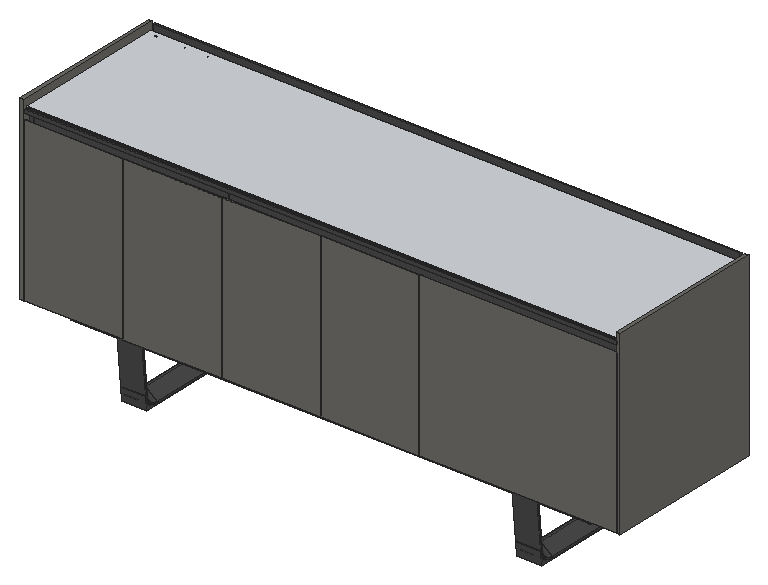
Revit family "Storage-Teknion-CW3Y_C+D_Three_Storage_Credenza_36_Height_Elevated_Base-R2020", category Furniture, Revit 2020 (continued)
Dimensions and locks (in)
  aligned and locked: plane 11 to Sweep 28 sketch curve
  aligned and locked: Sweep 29 sketch curve to plane 14
  aligned and locked: Sweep 1 to Sweep 29 sketch curve
  aligned and locked: plane 1 "Center Front/Back" to Sweep 30 sketch curve
  aligned and locked: plane 1 "Center Front/Back" to Sweep 31 sketch curve
  aligned and locked: Masking region 1 sketch curve to Sweep 1  (x8)
  aligned and locked: Masking region 1 sketch curve to Sweep 14
  aligned and locked: Sweep 1 to Masking region 1 sketch curve
  aligned and locked: Masking region 1 sketch curve to Sweep 15
  aligned and locked: cut or joined group of Sweep 2, Sweep 30, Sweep 31 to Masking region 1 sketch curve
  aligned and locked: Sweep 15 to Masking region 1 sketch curve  (x2)
  aligned and locked: Masking region 1 sketch curve to cut or joined group of Sweep 2, Sweep 30, Sweep 31
  aligned and locked: curve 1 to Sweep 1
  aligned and locked: curve 2 to Sweep 21
  aligned and locked: curve 3 to Sweep 1
  aligned and locked: curve 4 to Sweep 21
  aligned and locked: curve 5 to Sweep 15
  aligned and locked: curve 6 to Sweep 15
  aligned and locked: curve 7 to cut or joined group of Sweep 2, Sweep 30, Sweep 31
  aligned and locked: curve 8 to Sweep 15
  aligned and locked: curve 9 to Sweep 3
  aligned and locked: curve 10 to Sweep 4
  aligned and locked: curve 11 to Sweep 15
  aligned and locked: curve 12 to Sweep 15
  aligned and locked: curve 13 to Sweep 4
  aligned and locked: curve 14 to Sweep 14
  aligned and locked: curve 15 to Sweep 4
  aligned and locked: curve 16 to Sweep 4
  aligned and locked: curve 17 to Sweep 14
  aligned and locked: curve 18 to Sweep 14
  aligned and locked: curve 19 to Sweep 14
  aligned and locked: curve 20 to Sweep 21
  aligned and locked: curve 21 to Sweep 16
  aligned and locked: Sweep 16 to curve 22
  aligned and locked: curve 23 to Sweep 16
  aligned and locked: curve 24 to Sweep 16
  aligned and locked: curve 25 to Sweep 16
  aligned and locked: curve 26 to Sweep 16
  aligned and locked: curve 27 to Sweep 16
  aligned and locked: curve 28 to Sweep 16
  aligned and locked: curve 29 to Sweep 16
  aligned and locked: curve 30 to Sweep 16
  aligned and locked: curve 31 to Sweep 16
  aligned and locked: curve 32 to Sweep 16
  aligned and locked: curve 36 to Sweep 16
  aligned and locked: curve 34 to Sweep 16
  aligned and locked: curve 33 to Sweep 16
  aligned and locked: Sweep 16 to curve 35
  aligned and locked: Sweep 26 to curve 37
  aligned and locked: Sweep 26 to curve 40
  aligned and locked: curve 43 to Revolve 23
  aligned and locked: curve 44 to Revolve 23
  aligned and locked: curve 45 to Revolve 23
  aligned and locked: curve 46 to Revolve 23
  aligned and locked: curve 47 to Revolve 22
  aligned and locked: curve 48 to Revolve 22
  aligned and locked: curve 49 to Revolve 22
  aligned and locked: curve 50 to Revolve 22
  aligned and locked: curve 51 to Revolve 24
  aligned and locked: curve 52 to Revolve 24
  aligned and locked: curve 53 to Revolve 24
  aligned and locked: curve 54 to Revolve 24
  aligned and locked: curve 55 to Revolve 25
  aligned and locked: curve 56 to Revolve 25
  aligned and locked: curve 57 to Revolve 25
  aligned and locked: curve 58 to Revolve 25
  aligned and locked: curve 59 to Sweep 27
  aligned and locked: curve 60 to Sweep 27
  aligned and locked: curve 61 to Sweep 27
  aligned and locked: curve 62 to Sweep 27
  aligned and locked: curve 63 to Sweep 27
  aligned and locked: curve 64 to Sweep 27
  aligned and locked: Sweep 26 to curve 65
  aligned and locked: curve 66 to Sweep 17
  aligned and locked: curve 67 to Sweep 17
  aligned and locked: Sweep 26 to curve 68
  aligned and locked: curve 69 to Sweep 27
  aligned and locked: curve 70 to Sweep 18
  aligned and locked: curve 71 to Sweep 18
  aligned and locked: curve 72 to Sweep 27
  aligned and locked: curve 73 to Sweep 19
  aligned and locked: curve 74 to Sweep 6
  aligned and locked: curve 75 to Sweep 6
  aligned and locked: curve 76 to Sweep 7
  aligned and locked: curve 77 to Sweep 8
  aligned and locked: curve 78 to Sweep 20
  aligned and locked: curve 79 to Sweep 9
  aligned and locked: curve 81 to Sweep 20
  aligned and locked: curve 89 to Sweep 10
  aligned and locked: curve 91 to Sweep 12
  aligned and locked: curve 93 to plane 6 "Back"
  aligned and locked: curve 94 to plane 4 "Left"
  aligned and locked: curve 95 to plane 7 "Front"
  aligned and locked: curve 96 to plane 5 "Right"
  aligned and locked: curve 97 to curve 7
  aligned and locked: cut or joined group of Sweep 2, Sweep 30, Sweep 31 to curve 98
  aligned and locked: curve 9 to curve 99
  aligned and locked: curve 100 to cut or joined group of Sweep 2, Sweep 30, Sweep 31
  aligned and locked: curve 101 to curve 7
  aligned and locked: cut or joined group of Sweep 2, Sweep 30, Sweep 31 to curve 102
  aligned and locked: curve 9 to curve 103
  aligned and locked: curve 104 to cut or joined group of Sweep 2, Sweep 30, Sweep 31
  aligned and locked: plane 4 "Left" to nested 1
  aligned and locked: nested 3 to plane 4 "Left"
  aligned and locked: nested 2 to plane 5 "Right"
  aligned and locked: nested 4 to plane 5 "Right"
  aligned and locked: nested 6 to plane 4 "Left"
  aligned and locked: plane 4 "Left" to nested 5
  aligned and locked: nested 8 to plane 5 "Right"
  aligned and locked: nested 7 to plane 5 "Right"
  aligned and locked: Sweep 19 to Sweep 11 sketch curve  (x2)
  aligned and locked: Sweep 19 to Sweep 10 sketch curve  (x2)
  aligned and locked: Sweep 20 to Sweep 13 sketch curve  (x2)
  aligned and locked: Sweep 20 to Sweep 12 sketch curve  (x2)
  aligned and locked: plane 3 "Center Left/Right" to Sweep 4 sketch curve
  aligned and locked: Sweep 5 to Sweep 4 sketch curve
  aligned and locked: Sweep 28 sketch curve to plane 15
  aligned and locked: plane 16 to Sweep 29 sketch curve
  aligned and locked: plane 15 to Sweep 34 sketch curve
  aligned and locked: Sweep 34 sketch curve to plane 3 "Center Left/Right"
  aligned and locked: Sweep 7 to Sweep 36 sketch curve
  aligned and locked: Sweep 8 to Sweep 36 sketch curve
  aligned and locked: Sweep 7 to Sweep 35 sketch curve
  aligned and locked: Sweep 8 to Sweep 35 sketch curve
  aligned and locked: curve 42 to Sweep 17
  aligned and locked: curve 41 to Sweep 17
  aligned and locked: curve 105 to Sweep 4
  aligned and locked: curve 106 to Sweep 4
  aligned and locked: curve 107 to Sweep 4
  aligned and locked: curve 108 to Sweep 4
  aligned and locked: curve 110 to Sweep 32
  aligned and locked: curve 109 to Sweep 10
  aligned and locked: curve 111 to curve 74
  aligned and locked: curve 112 to Sweep 10
  aligned and locked: curve 114 to curve 76
  aligned and locked: curve 115 to Sweep 7
  aligned and locked: curve 116 to Sweep 7
  aligned and locked: curve 120 to curve 77
  aligned and locked: curve 118 to Sweep 8
  aligned and locked: curve 117 to Sweep 8
  aligned and locked: curve 121 to Sweep 33
  aligned and locked: curve 122 to Sweep 33
  aligned and locked: curve 123 to Sweep 33
  aligned and locked: curve 126 to curve 117
  aligned and locked: Sweep 1 sketch curve to plane 3 "Center Left/Right"
  aligned and locked: plane 8 "Top" to Sweep 1 sketch curve
  aligned and locked: plane 15 to nested 9
  aligned and locked: nested 9 to plane 6 "Back"
  aligned and locked: plane 16 to nested 10
  aligned and locked: nested 10 to plane 6 "Back"
Automatic sketch dimensions
  curve 94 to curve 95 = 2.000"
  curve 96 to curve 95 = 2.000"
  curve 93 to curve 96 = 2.000"
  curve 93 to curve 94 = 2.000"
  Sweep 2 sketch curve to plane 8 "Top" = 3.05118"
  Sweep 5 sketch curve to plane 8 "Top" = 1.7126"
  Sweep 5 sketch curve to profile plane = 0.000"
  Sweep 6 sketch curve to Sweep 6 sketch curve = 0.11811"
  Sweep 11 sketch curve to Sweep 11 sketch curve = 11.01969"
  Sweep 11 sketch curve to Sweep 11 sketch curve = 0.11811"
  Sweep 13 sketch curve to Sweep 13 sketch curve = 11.01969"
  Sweep 13 sketch curve to Sweep 13 sketch curve = 0.11811"
  Sweep 15 sketch curve to Sweep 15 sketch curve = 0.05568"  (x3)
  Sweep 15 sketch curve to Sweep 15 sketch curve = 0.02784"  (x3)
  plane 12 to Sweep 16 sketch curve = 6.44685"
  Sweep 16 sketch curve to plane 13 = 6.44685"
  profile plane to Sweep 16 sketch curve = 0.000"
  Sweep 16 sketch curve to Sweep 16 sketch curve = 0.020"  (x2)
  profile plane to Sweep 16 sketch curve = 0.020"  (x2)
  plane 11 to Sweep 17 sketch curve = 1.88617"
  Sweep 17 sketch curve to profile plane = 0.10359"  (x2)
  Sweep 17 sketch curve to profile plane = 0.12003"
  Sweep 17 sketch curve to Sweep 17 sketch curve = 0.20069"
  Sweep 17 sketch curve to Sweep 17 sketch curve = 2.16609"
  Sweep 17 sketch curve to Sweep 17 sketch curve = 2.15706"
  Sweep 17 sketch curve to Sweep 17 sketch curve = 1.15641"  (x2)
  Sweep 17 sketch curve to Sweep 17 sketch curve = 0.03505"
  Sweep 17 sketch curve to Sweep 17 sketch curve = 0.000"  (x2)
  Sweep 18 sketch curve to plane 14 = 1.88617"
  Sweep 18 sketch curve to profile plane = 0.10359"  (x2)
  Sweep 18 sketch curve to profile plane = 0.12003"
  Sweep 18 sketch curve to Sweep 18 sketch curve = 0.20069"  (x2)
  Sweep 18 sketch curve to Sweep 18 sketch curve = 2.15706"  (x2)
  Sweep 18 sketch curve to Sweep 18 sketch curve = 1.15641"  (x2)
  Sweep 18 sketch curve to Sweep 18 sketch curve = 0.000"  (x2)
  profile plane to Sweep 21 sketch curve = 0.21654"
  profile plane to Sweep 21 sketch curve = 0.05906"
  Revolve 22 sketch curve to level = 0.000"  (x2)
  level to Revolve 22 sketch curve = 0.080"
  level to Revolve 22 sketch curve = 0.125"
  Revolve 22 sketch curve to Revolve 22 sketch curve = 0.000"
  Revolve 23 sketch curve to Revolve 23 sketch curve = 0.045"
  Revolve 24 sketch curve to Revolve 24 sketch curve = 0.045"
  Revolve 25 sketch curve to Revolve 25 sketch curve = 0.045"
  plane 9 to Sweep 26 sketch curve = 0.90373"
  level to Sweep 26 sketch curve = 2.39468"
  Sweep 26 sketch curve to plane 10 = 0.90373"
  Sweep 26 sketch curve to Sweep 26 sketch curve = 0.15188"
  Sweep 26 sketch curve to Sweep 26 sketch curve = 0.0442"  (x2)
  Sweep 26 sketch curve to Sweep 26 sketch curve = 0.00209"
  Sweep 26 sketch curve to Sweep 26 sketch curve = 0.04629"
  Sweep 26 sketch curve to Sweep 26 sketch curve = 0.02179"
  Sweep 26 sketch curve to Sweep 26 sketch curve = 0.05996"
  plane 9 to Sweep 27 sketch curve = 0.90373"
  Sweep 27 sketch curve to plane 10 = 0.90373"
  Sweep 27 sketch curve to Sweep 27 sketch curve = 0.00209"  (x2)
  Sweep 27 sketch curve to Sweep 27 sketch curve = 0.15188"
  Sweep 30 sketch curve to Sweep 30 sketch curve = 0.250"  (x4)
  Sweep 31 sketch curve to Sweep 31 sketch curve = 0.250"  (x4)
  Masking region 1 sketch curve to plane 12 = 0.02953"
  Masking region 1 sketch curve to Masking region 1 sketch curve = 0.05906"
  Sweep 34 sketch curve to Sweep 34 sketch curve = 0.3622"
  Sweep 35 sketch curve to plane 8 "Top" = 10.87402"
  Sweep 36 sketch curve to plane 8 "Top" = 11.87402"
  plane 7 "Front" to curve 3 = 0.000"
  curve 1 to plane 7 "Front" = 0.000"
  plane 6 "Back" to curve 5 = 0.000"
  curve 1 to plane 6 "Back" = 0.000"
  curve 6 to plane 6 "Back" = 0.000"
  curve 11 to plane 6 "Back" = 0.000"
  plane 6 "Back" to curve 3 = 0.000"
  curve 33 to curve 21 = 0.5853"
  curve 112 to plane 7 "Front" = 0.03937"
  plane 1 "Center Front/Back" to curve 63 = 1.98365"
  curve 64 to plane 1 "Center Front/Back" = 1.77772"
  curve 42 to plane 1 "Center Front/Back" = 1.87468"
  curve 41 to plane 1 "Center Front/Back" = 1.93624"
  curve 12 to curve 5 = 0.000"
  curve 8 to plane 13 = 0.47047"
  curve 91 to plane 7 "Front" = 0.03937"
  curve 89 to plane 7 "Front" = 0.03937"
  curve 88 to curve 91 = 0.000"
  curve 85 to curve 89 = 0.000"
  curve 81 to curve 88 = 0.000"
  curve 80 to plane 7 "Front" = 0.03937"
  curve 73 to curve 85 = 0.000"
  plane 14 to curve 80 = 0.02962"
  curve 127 to curve 78 = 0.000"
  Sweep 19 sketch curve to profile plane = 0.6063"
  Sweep 20 sketch curve to profile plane = 0.6063"
  Sweep 32 sketch curve to profile plane = 0.000"
  Sweep 7 sketch curve to profile plane = 0.000"
  Sweep 7 sketch curve to Sweep 7 sketch curve = 0.11811"
  Sweep 8 sketch curve to Sweep 8 sketch curve = 0.11811"
  Sweep 9 sketch curve to Sweep 9 sketch curve = 0.11811"
  Sweep 10 sketch curve to Sweep 10 sketch curve = 0.6063"
  Sweep 10 sketch curve to Sweep 10 sketch curve = 0.11811"
  Sweep 12 sketch curve to Sweep 12 sketch curve = 0.11811"
Nested families (in)
  nested 1: "Teknion_2D_Node_Family-R2020" at (-15, 2, 0.00394) x (0.7071, 0.7071, 0) z (0, 0, 1), visible <- "24 2D Node", type "Teknion_2D_Node_Family-R2020"
  nested 2: "Teknion_2D_Node_Family-R2020" at (75, 2, 0.00394) x (0.7071, 0.7071, 0) z (0, 0, 1), visible <- "24 2D Node", type "Teknion_2D_Node_Family-R2020"
  nested 3: "Teknion_2D_Node_Family-R2020" at (-15, -22, 0.00394) x (0.7071, -0.7071, 0) z (0, 0, 1), visible <- "24 2D Node", type "Teknion_2D_Node_Family-R2020"
  nested 4: "Teknion_2D_Node_Family-R2020" at (75, -22, 0.00394) x (0.7071, -0.7071, 0) z (0, 0, 1), visible <- "24 2D Node", type "Teknion_2D_Node_Family-R2020"
  nested 5: "Teknion_2D_Node_Family-R2020" at (-15, 0, 0.00394) x (0.7071, 0.7071, 0) z (0, 0, 1), visible <- "20 2D Node", type "Teknion_2D_Node_Family-R2020"
  nested 6: "Teknion_2D_Node_Family-R2020" at (-15, -20, 0.00394) x (0.7071, 0.7071, 0) z (0, 0, 1), visible <- "20 2D Node", type "Teknion_2D_Node_Family-R2020"
  nested 7: "Teknion_2D_Node_Family-R2020" at (75, -20, 0.00394) x (0.7071, 0.7071, 0) z (0, 0, 1), visible <- "20 2D Node", type "Teknion_2D_Node_Family-R2020"
  nested 8: "Teknion_2D_Node_Family-R2020" at (75, 0, 0.00394) x (0.7071, 0.7071, 0) z (0, 0, 1), visible <- "20 2D Node", type "Teknion_2D_Node_Family-R2020"
  nested 9: "Teknion_2D_Node_Family-R2020" at (15.18963, 2, 0.00394), visible <- "Middle Left Node", type "Teknion_2D_Node_Family-R2020"
  nested 10: "Teknion_2D_Node_Family-R2020" at (44.81037, 2, 0.00394), visible <- "Middle Right Node", type "Teknion_2D_Node_Family-R2020"
  nested 11: "Door-Swing_Symbol-Teknion-2D" at (-7.02657, -19.23622, 0.00394) x (-1, 0, 0) z (0, 0, 1), Swing Width <- "Door L/R Size", visible <- "Left Double Door", type "Standard", detail levels fine
    with Swing Width 14.750", Door Thickness 0.724"
  nested 12: "Door-Swing_Symbol-Teknion-2D" at (52.21521, -19.23622, 0.00394) x (-1, 0, 0) z (0, 0, 1), Swing Width <- "Door L/R Size", visible <- "Right Double Door", type "Standard", detail levels fine
    with Swing Width 14.750", Door Thickness 0.724"
  nested 13: "Door-Swing_Symbol-Teknion-2D" at (67.02657, -19.23622, 0.00394), Swing Width <- "Door L/R Size", visible <- "Right Double Door", type "Standard", detail levels fine
    with Swing Width 14.750", Door Thickness 0.724"
  nested 14: "Door-Swing_Symbol-Teknion-2D" at (37.40581, -19.23622, 0.00394), Swing Width <- "Door C Size", visible <- "Center Closed Storage", type "Standard", detail levels fine
    with Swing Width 14.750", Door Thickness 0.724"
  nested 15: "Door-Swing_Symbol-Teknion-2D" at (7.78447, -19.23622, 0.00394), Swing Width <- "Door L/R Size", visible <- "Left Double Door", type "Standard", detail levels fine
    with Swing Width 14.750", Door Thickness 0.724"
  nested 16: "Door-Swing_Symbol-Teknion-2D" at (22.59486, -19.23622, 0.00394) x (-1, 0, 0) z (0, 0, 1), Swing Width <- "Door C Size", visible <- "Center Closed Storage", type "Standard", detail levels fine
    with Swing Width 14.750", Door Thickness 0.724"
Definition of nested family "Teknion_2D_Node_Family-R2020"
  Reference planes (in)
    plane 1 "Center (Front/Back)": y = 0
    plane 2: z = 0
    plane 3 "Center (Left/Right)": x = 0
  Lines and regions (in)
    detail lines, in view "Ref. Level"
      curve 1: circle (0, 0, 0) r 1.25 normal (0, 0, 1)
      curve 2: line (1.91508, -1.91508, 0) -> (-1.91508, 1.91508, 0)
      curve 3: line (-1.91508, -1.91508, 0) -> (1.91508, 1.91508, 0)
Definition of nested family "Door-Swing_Symbol-Teknion-2D"
  Parameters (values of type "Standard")
    Swing Width [instance] = 26.000"
    Door Thickness [instance] = 2.000"
    Assembly Code = ""
  Reference planes (in)
    plane 1 "Center (Front/Back)": y = 0
    plane 2: z = 0
    plane 3 "Center (Left/Right)": x = 0
    plane 4: x = -13
    plane 5: x = 13
  Lines and regions (in)
    Masking region 1, in view "Ref. Level"
      outline origin (0, 0, 0) x (1, 0, 0) y (0, 1, 0)
        loop
          line (11, 0) -> (11, -26) -> (13, -26) -> (13, 0) -> (11, 0)
    detail lines, in view "Ref. Level"
      curve 1: line (13, 0, 0) -> (13, -26, 0)
      curve 2: arc (-13, 0, 0) -> (-5.38478, -18.38478, 0) -> (13, -26, 0) r 26
  Dimensions and locks (in)
    equal spacing: plane 4, plane 3 "Center (Left/Right)", plane 5
    "Swing Width": plane 4 to plane 5
    "Swing Width": curve 1 to plane 1 "Center (Front/Back)"
    "Swing Width": Masking region 1 sketch curve to Masking region 1 sketch curve
    "Door Thickness": Masking region 1 sketch curve to Masking region 1 sketch curve
    "Swing Width": radius of curve 2
    aligned and locked: plane 1 "Center (Front/Back)" to curve 1
    aligned and locked: plane 1 "Center (Front/Back)" to Masking region 1 sketch curve
    aligned and locked: Masking region 1 sketch curve to plane 5
  Automatic sketch dimensions
    curve 2 to plane 4 = 0.000"
Types (5): name | Width | Top Finish | Right Waste | Right Double Door | Left V&A Cut Out | Left V&A 2D Lines | Door L/R Size | Door C Size | Description | Case Finish | 24 2D Node | 20 2D Node | (CCW) Left Closed Storage,Center Closed, Right Waste | Model | (CCC) All Close Storage | (VCW) Left A/V with Upper Drawer, Center Closed Storage, Right Wasted | Depth
  (no name) | 90.000" | none | yes | no | 8.000" | no | 14.750" | 14.750" | "C+D Three Storage Credenza, 36\" Height, Elevated Based, 24\" Depth, 90\" Width" | Veneer - Teknion - VP - Chia | yes | no | yes | "CW3Y_2490" | no | no | 24.000"
  20D x 90W | 90.000" | Veneer -Teknion - UR - Rustic Oak - Natural | yes | no | 15.000" | yes | 14.750" | 14.750" | "C+D Three Storage Credenza, 36\" Height, Elevated Based, 20\" Depth, 90\" Width" | Veneer -Teknion - UZ - Rustic Oak - Truffle | no | yes | no | "CW3Y_2090" | no | yes | 20.000"
  20D x 108W | 108.000" | Back-painted Glass - BQ - Teknion - Anthracite | no | yes | 8.000" | no | 17.769" | 17.750" | "C+D Three Storage Credenza, 36\" Height, Elevated Based, 20\" Depth, 108\" Width" | Veneer - Teknion - VJ - Bistre | no | yes | no | "CW3Y_20108" | yes | no | 20.000"
  24D x 108W | 108.000" | none | yes | no | 15.000" | yes | 17.769" | 17.750" | "C+D Three Storage Credenza, 36\" Height, Elevated Based, 24\" Depth, 108\" Width" | Veneer - Teknion - VP - Chia | yes | no | no | "CW3Y_24108" | no | yes | 24.000"
  24D x 90W | 90.000" | none | yes | no | 8.000" | no | 14.750" | 14.750" | "C+D Three Storage Credenza, 36\" Height, Elevated Based, 24\" Depth, 90\" Width" | Veneer - Teknion - VP - Chia | yes | no | yes | "CW3Y_2490" | no | no | 24.000"
